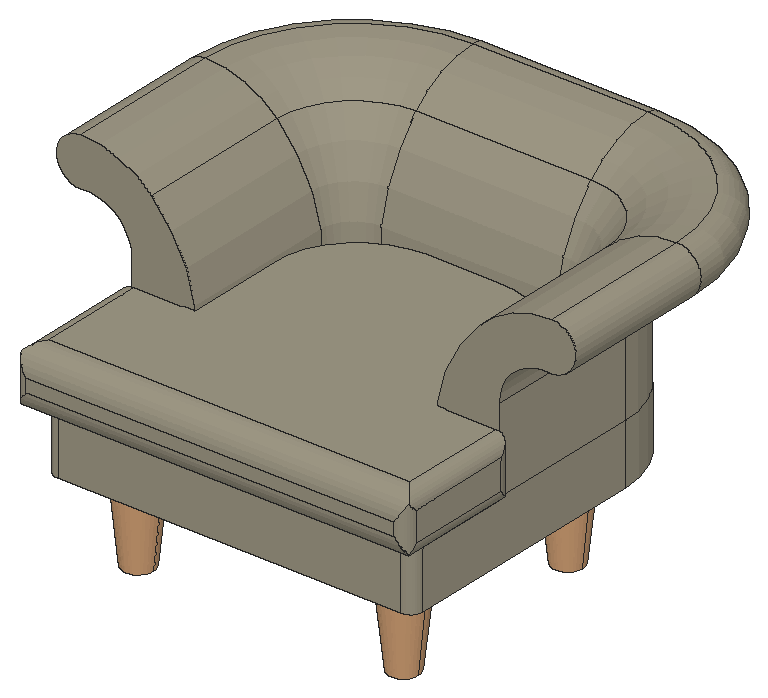
Revit family
Parameters
  Length [instance] = 6' - 2"
  Depth [instance] = 2' - 6"
Reference planes (in)
  plane 1 "Center Front/Back": y = 0
  plane 2: z = 0
  plane 3 "Back": y = 15
  plane 4 "Front": y = -15
  plane 5 "Left": x = -37
  plane 6 "Right": x = 37
  plane 7 "Top of Base Frame": z = 12
  plane 8: z = 7
  plane 9: x = 0
  plane 10: x = -33
  plane 11: y = -11
  plane 12: x = 33
  plane 13: y = 17
  plane 14: x = -24.25
  plane 15: x = -5
  plane 16: x = 5
  plane 17: x = 24.25
  plane 18: y = -17
  plane 19 "Front of Arms": y = -6
Forms (in)
  Extrusion 1, solid, material "Frame"
    sketch origin (0, 0, 0) x (1, 0, 0) y (0, 1, 0)
      loop
        line (7.5, -15) -> (36, -15)
        arc (36, -15) -> (36.70711, -14.70711) -> (37, -14) r 1
        line (37, -14) -> (37, 7)
        arc (37, 7) -> (34.3877, 12.92795) -> (28.25, 15) r 8.03214
        line (28.25, 15) -> (14.5, 15)
        arc (14.5, 15) -> (8.84315, 12.65685) -> (6.5, 7) r 8
        line (6.5, 7) -> (6.5, -14)
        arc (6.5, -14) -> (6.79289, -14.70711) -> (7.5, -15) r 1
    from 7 to 12
  Sweep 2, solid, material "Frame"
    path origin (0, 0, 12) x (0, -1, 0) y (1, 0, 0)
      loop
        line (6, 37) -> (-7, 37)
        arc (-7, 37) -> (-12.65685, 34.65685) -> (-15, 29) r 8
        line (-15, 29) -> (-15, 14.5)
        arc (-15, 14.5) -> (-12.65685, 8.84315) -> (-7, 6.5) r 8
        line (-7, 6.5) -> (6, 6.5)
    profile origin (37, 0.5, 12) x (-1, 0, 0) y (0, 0, 1)
      loop
        arc (5, 0) -> (4.91435, 6.56563) -> (1.61574, 12.24312) r 12.93397
        arc (1.61574, 12.24312) -> (-1.07901, 14.05079) -> (-4.26118, 14.68577) r 8.29113
        arc (-4.26118, 14.68577) -> (-6.26118, 12.68577) -> (-4.26118, 10.68577) r 2
        arc (-4.26118, 10.68577) -> (-1.28799, 9.81703) -> (0, 7) r 3.72462
        line (0, 7) -> (0, 0) -> (5, 0)
  Extrusion 3, solid, material "Cushions"
    sketch origin (0, 0, 12) x (0, -1, 0) y (1, 0, 0)
      loop
        line (17, 6.5) -> (17, 37)
        arc (17, 37) -> (16.70711, 37.70711) -> (16, 38) r 1
        line (16, 38) -> (7.125, 38)
        arc (7.125, 38) -> (6.41789, 37.70711) -> (6.125, 37) r 1
        line (6.125, 37) -> (6.125, 32.75)
        arc (6.125, 32.75) -> (5.83211, 32.04289) -> (5.125, 31.75) r 1
        line (5.125, 31.75) -> (-2.125, 31.75)
        arc (-2.125, 31.75) -> (-7.07475, 29.69975) -> (-9.125, 24.75) r 7
        line (-9.125, 24.75) -> (-9.125, 18.75)
        arc (-9.125, 18.75) -> (-7.07475, 13.80025) -> (-2.125, 11.75) r 7
        line (-2.125, 11.75) -> (5.125, 11.75)
        arc (5.125, 11.75) -> (5.83211, 11.45711) -> (6.125, 10.75) r 1
        line (6.125, 10.75) -> (6.125, 6.5)
        arc (6.125, 6.5) -> (6.41789, 5.79289) -> (7.125, 5.5) r 1
        line (7.125, 5.5) -> (16, 5.5)
        arc (16, 5.5) -> (16.70711, 5.79289) -> (17, 6.5) r 1
    from 0 to 5
  Blend 4, solid, material "Legs"
    base sketch origin (0, 0, 0) x (-1, 0, 0) y (0, -1, 0)
      loop
        circle (-33, 11) r 1.25
    top sketch origin (0, 0, 0) x (-1, 0, 0) y (0, -1, 0)
      loop
        circle (-33, 11) r 2
    from 0 to 7
  Blend 5, solid, material "Legs"
    base sketch origin (-0.50049, 17.63769, 0) x (-1, 0, 0) y (0, -1, 0)
      loop
        circle (-33, 11) r 1.25
    top sketch origin (-0.50049, 17.63769, 0) x (-1, 0, 0) y (0, -1, 0)
      loop
        circle (-33, 11) r 2
    from 0 to 7
  Extrusion 6, void
    sketch origin (37, 0, 0) x (0, -1, 0) y (0, 0, 1)
      loop
        line (17, 15) -> (17, 13.89804)
        arc (17, 13.89804) -> (16.44408, 12.55592) -> (15.10196, 12) r 1.89804
        line (15.10196, 12) -> (15, 12) -> (15, 11.75) -> (17.25, 11.75) -> (17.25, 17.25) -> (15, 17.25) -> (15, 17)
        arc (15, 17) -> (16.41421, 16.41421) -> (17, 15) r 2
    from -12 to 84
  Extrusion 7, void
    sketch origin (0, -15, 0) x (1, 0, 0) y (0, 0, 1)
      loop
        line (38, 15.75) -> (38, 13.25)
        arc (38, 13.25) -> (37.63388, 12.36612) -> (36.75, 12) r 1.25
        line (36.75, 12) -> (36.75, 11.75) -> (38.25, 11.75) -> (38.25, 17.25) -> (36.75, 17.25) -> (36.75, 17)
        arc (36.75, 17) -> (37.63388, 16.63388) -> (38, 15.75) r 1.25
      loop
        arc (5.5, 15.75) -> (5.86612, 16.63388) -> (6.75, 17) r 1.25
        line (6.75, 17) -> (6.75, 17.25) -> (5.25, 17.25) -> (5.25, 11.75) -> (6.75, 11.75) -> (6.75, 12)
        arc (6.75, 12) -> (5.86612, 12.36612) -> (5.5, 13.25) r 1.25
        line (5.5, 13.25) -> (5.5, 15.75)
    from 6 to -9
  Blend 8, solid, material "Legs"
    base sketch origin (-22, 0, 0) x (-1, 0, 0) y (0, -1, 0)
      loop
        circle (-33, 11) r 1.25
    top sketch origin (-22, 0, 0) x (-1, 0, 0) y (0, -1, 0)
      loop
        circle (-33, 11) r 2
    from 0 to 7
  Blend 9, solid, material "Legs"
    base sketch origin (-22.50049, 17.63769, 0) x (-1, 0, 0) y (0, -1, 0)
      loop
        circle (-33, 11) r 1.25
    top sketch origin (-22.50049, 17.63769, 0) x (-1, 0, 0) y (0, -1, 0)
      loop
        circle (-33, 11) r 2
    from 0 to 7
Cuts and joins
  Extrusion 6, Extrusion 7 cuts Extrusion 1
  Extrusion 6, Extrusion 7 cuts Extrusion 3
Dimensions and locks (in)
  equal spacing: plane 3 "Back", plane 1 "Center Front/Back", plane 4 "Front"
  "Length": plane 5 "Left" to plane 6 "Right"
  "Depth": plane 3 "Back" to plane 4 "Front"
  plane 8 to level = 0' - 7"
  locked: plane 7 "Top of Base Frame" to plane 8 at 5
  equal spacing: plane 5 "Left", plane 9, plane 6 "Right"
  locked: plane 11 to plane 4 "Front" at 4
  locked: plane 5 "Left" to plane 10 at 4
  locked: plane 12 to plane 6 "Right" at 4
  aligned and locked: plane 4 "Front" to Extrusion 1 sketch curve
  aligned and locked: Extrusion 1 sketch curve to plane 6 "Right"
  aligned and locked: plane 7 "Top of Base Frame" to Extrusion 1
  aligned and locked: Extrusion 1 to plane 8
  aligned and locked: Extrusion 3 sketch curve to plane 18
  aligned and locked: Extrusion 1 sketch curve to Sweep 2
Automatic sketch dimensions
  Extrusion 1 sketch curve to Extrusion 1 sketch curve = 0' - 1"
  plane 17 to Extrusion 1 sketch curve = 0' - 4"
  plane 12 to Extrusion 1 sketch curve = 0' - 4.03214"
  Extrusion 1 sketch curve to plane 4 "Front" = 0' - 1"
  Sweep 2 sketch curve to plane 3 "Back" = 0' - 0"
  Sweep 2 sketch curve to plane 6 "Right" = 0' - 0"
  plane 16 to Sweep 2 sketch curve = 0' - 1 1/2"
  Sweep 2 sketch curve to plane 1 "Center Front/Back" = 0' - 7"  (x2)
  plane 11 to Sweep 2 sketch curve = 0' - 5"  (x2)
  Sweep 2 sketch curve to plane 7 "Top of Base Frame" = 0' - 0"
  Sweep 2 sketch curve to profile plane = 0' - 0"
  Sweep 2 sketch curve to Sweep 2 sketch curve = 0' - 3.72462"
  Sweep 2 sketch curve to Sweep 2 sketch curve = 0' - 0.53656"
  Sweep 2 sketch curve to Sweep 2 sketch curve = 0' - 3.29093"
  Sweep 2 sketch curve to profile plane = 0' - 1.61574"
  Sweep 2 sketch curve to Sweep 2 sketch curve = 0' - 0"
  Sweep 2 sketch curve to profile plane = 0' - 5"
  plane 7 "Top of Base Frame" to Sweep 2 sketch curve = 0' - 3.11963"
  Sweep 2 sketch curve to Sweep 2 sketch curve = 0' - 0.60536"
  Sweep 2 sketch curve to Sweep 2 sketch curve = 0' - 2"
  plane 12 to Extrusion 3 sketch curve = 0' - 0 1/4"
  Extrusion 3 sketch curve to plane 6 "Right" = 0' - 0"  (x2)
  plane 4 "Front" to Extrusion 3 sketch curve = 0' - 1"  (x2)
  plane 16 to Extrusion 3 sketch curve = 0' - 0 1/2"
  plane 11 to Extrusion 3 sketch curve = 0' - 3 7/8"  (x2)
  Extrusion 3 sketch curve to Extrusion 3 sketch curve = 0' - 1"  (x2)
  plane 12 to Extrusion 3 sketch curve = 0' - 1 1/4"
  Extrusion 3 sketch curve to plane 1 "Center Front/Back" = 0' - 2 1/8"  (x2)
  plane 17 to Extrusion 3 sketch curve = 0' - 0 1/2"
  Extrusion 3 sketch curve to Extrusion 3 sketch curve = 0' - 4 1/4"
  Blend 4 sketch curve to plane 11 = 0' - 0"  (x2)
  Blend 4 sketch curve to plane 12 = 0' - 0"  (x2)
  Blend 5 sketch curve to plane 12 = 0' - 0.50049"  (x2)
  plane 1 "Center Front/Back" to Blend 5 sketch curve = 0' - 6.63769"  (x2)
  Extrusion 6 sketch curve to plane 4 "Front" = 0' - 0"  (x2)
  Extrusion 6 sketch curve to plane 7 "Top of Base Frame" = 0' - 0"
  Extrusion 6 sketch curve to plane 18 = 0' - 0"
  plane 4 "Front" to Extrusion 6 sketch curve = 0' - 0.10196"
  Extrusion 6 sketch curve to plane 18 = 0' - 0 1/4"
  Extrusion 6 sketch curve to plane 7 "Top of Base Frame" = 0' - 0 1/4"
  Extrusion 6 sketch curve to Extrusion 6 sketch curve = 0' - 1.10196"
  Extrusion 6 sketch curve to Extrusion 6 sketch curve = 0' - 0 1/4"
  Blend 8 sketch curve to plane 11 = 0' - 0"  (x2)
  Blend 8 sketch curve to plane 16 = 0' - 6"  (x2)
  Blend 9 sketch curve to plane 16 = 0' - 5.49951"  (x2)
  plane 1 "Center Front/Back" to Blend 9 sketch curve = 0' - 6.63769"  (x2)
  Extrusion 7 sketch curve to plane 7 "Top of Base Frame" = 0' - 0"  (x2)
  plane 16 to Extrusion 7 sketch curve = 0' - 0 1/4"
  plane 16 to Extrusion 7 sketch curve = 0' - 0 1/2"
  Extrusion 7 sketch curve to Extrusion 7 sketch curve = 0' - 1 1/2"  (x2)
  plane 6 "Right" to Extrusion 7 sketch curve = 0' - 0 1/4"  (x2)
  Extrusion 7 sketch curve to plane 6 "Right" = 0' - 1"
  Extrusion 7 sketch curve to plane 7 "Top of Base Frame" = 0' - 0 1/4"
  Extrusion 7 sketch curve to plane 6 "Right" = 0' - 1 1/4"
  Extrusion 7 sketch curve to Extrusion 7 sketch curve = 0' - 0 1/4"  (x3)
  Extrusion 7 sketch curve to Extrusion 7 sketch curve = 0' - 2 1/2"  (x2)
  radius of Blend 4 sketch curve = 0' - 1 1/4"
  radius of Blend 4 sketch curve = 0' - 2"
  radius of Blend 5 sketch curve = 0' - 1 1/4"
  radius of Blend 5 sketch curve = 0' - 2"
  radius of Blend 8 sketch curve = 0' - 1 1/4"
  radius of Blend 8 sketch curve = 0' - 2"
  radius of Blend 9 sketch curve = 0' - 1 1/4"
  radius of Blend 9 sketch curve = 0' - 2"
